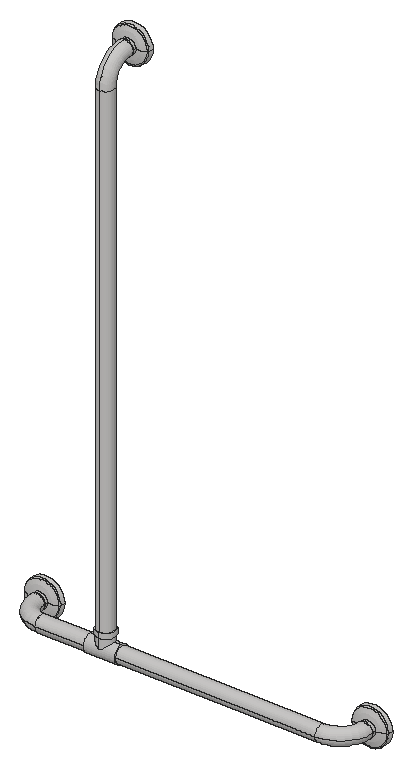
Revit family "MLR1078", category Specialty Equipment, Revit 2019
Family settings
  Round Connector Dimension = Use Diameter
  Part Type = Normal
  OmniClass Number = 23.40.20.21.47
  OmniClass Title = Bath Grab Bars
  Work Plane-Based = No
  Always vertical = Yes
  Cut with Voids When Loaded = No
  Shared = No
  Room Calculation Point = No
Parameters (values of type "MLR1078")
  Width = 716 mm  # constant formula
  URL = "http://www.metlam.com.au/"
  Type Comments = "Grab Rails"  # constant formula
  Model = "MLR114MKII"
  Material_ANZRS = z_Metlam_Metal_Stainless Steel_Satin
  Manufacturer_Width = Width - 16 mm  # 700 mm
  Manufacturer_URL__Product Specific = "https://www.metlam.com.au/product/content/grab-rails/MLR114MKII"
  Manufacturer_Spec Code = Model  # "MLR114MKII"
  Manufacturer_Height From FFL [instance] = 800 mm
  Manufacturer_Height = Height - 32 mm  # 1100 mm
  Manufacturer = "Metlam"  # constant formula
  Keynote = ""
  Height = 1132 mm  # constant formula
  Description = "30° Flush Mount Wrap Around Grab Rail RH"  # constant formula
  CreatedBy_ANZRS = "IGS BIM Solutions"  # constant formula
  CreatedByURL_ANZRS = "http://www.igsgroup.com.au/"
  Assembly Code = ""
Reference planes
  plane 1 "Ref. Level": z = 0
  plane 2 "Left Wall Mount_Centre (Elevation)": z = 784
  plane 3 "Middle Wall Mount_Centre (Elevation)": z = 691
  plane 4 "Bottom": z = 653
  plane 5 "Back": y = 610
  plane 6 "Right Wall Mount_Centre (Elevation)": z = 1884
  plane 7 "Top": z = 1923
  plane 8 "Angled Rail_Top": z = 1900
  plane 9 "Horizontal Rail_Bottom": z = 768
  plane 10 "Mounting Height": z = 800
  plane 11 "Horizontal Rail_Front": y = 520
  plane 12 "Left Wall Mount_Centre (Left/Right)": x = -1282
  plane 13 "Right": x = -582
  plane 14 "Angled Rail_Right": x = -1266
  plane 15 "Angled Rail_Left": x = -1298
  plane 16 "Left": x = -1321
  plane 17 "2": x = -614
  plane 18 "3": x = -598
  plane 19 "4": x = -575
  plane 20 "6": x = -1098
  plane 21 "7": x = -1114
  plane 22 "8": x = -1098
  plane 23 "9": x = -1075
  plane 24 "10": y = 390
  plane 25 "11": z = 1868
  plane 26 "12": y = 536
Forms (mm)
  Sweep 1, solid, material "z_Metlam_Metal_Stainless Steel_Satin" <- "Material_ANZRS"
    path origin (-1104, 178.031, 784) x (1, 0, 0) y (0, -1, 0)
      loop
        line (506, -408.969) -> (506, -407.751)
        arc (506, -407.751) -> (491.355, -372.396) -> (456, -357.751) r 50
        line (456, -357.751) -> (-128, -357.751)
        arc (-128, -357.751) -> (-163.355, -372.396) -> (-178, -407.751) r 50
        line (-178, -407.751) -> (-178, -408.969)
    profile origin (-598, 586.391, 784) x (1, 0, 0) y (0, 0, 1)
      loop
        circle (0, 0) r 16
  Revolve 2, solid, material "z_Metlam_Metal_Stainless Steel_Satin" <- "Material_ANZRS"
    sketch origin (544, -1433.595, 784) x (0, 1, 0) y (-1, 0, 0)
      loop
        line (2027.564, 1158) -> (2020.595, 1158) -> (2020.595, 1142) -> (2043.595, 1142) -> (2043.595, 1181) -> (2034.836, 1179.599)
        arc (2034.836, 1179.599) -> (2033.757, 1179.149) -> (2033, 1178.257) r 2.5
        arc (2033, 1178.257) -> (2029.238, 1168.409) -> (2027.564, 1158) r 51.397
      axis (2020.595, 1142) -> (2043.595, 1142)
    angle from 0 to 360
  Revolve 3, solid, material "z_Metlam_Metal_Stainless Steel_Satin" <- "Material_ANZRS"
    sketch origin (-2440, -1433.595, 784) x (0, 1, 0) y (-1, 0, 0)
      loop
        arc (2027.564, -1174) -> (2029.238, -1184.409) -> (2033, -1194.257) r 51.397
        arc (2033, -1194.257) -> (2033.757, -1195.149) -> (2034.836, -1195.599) r 2.5
        line (2034.836, -1195.599) -> (2043.595, -1197) -> (2043.595, -1158) -> (2020.595, -1158) -> (2020.595, -1174) -> (2027.564, -1174)
      axis (2020.595, -1158) -> (2043.595, -1158)
    angle from 0 to 360
  Revolve 4, solid, material "z_Metlam_Metal_Stainless Steel_Satin" <- "Material_ANZRS"
    sketch origin (44, -1433.595, 1884) x (0, 1, 0) y (-1, 0, 0)
      loop
        line (2027.564, 1158) -> (2020.595, 1158) -> (2020.595, 1142) -> (2043.595, 1142) -> (2043.595, 1181) -> (2034.836, 1179.599)
        arc (2034.836, 1179.599) -> (2033.757, 1179.149) -> (2033, 1178.257) r 2.5
        arc (2033, 1178.257) -> (2029.238, 1168.409) -> (2027.564, 1158) r 51.397
      axis (2020.595, 1142) -> (2043.595, 1142)
    angle from 0 to 360
  Sweep 5, solid, material "z_Metlam_Metal_Stainless Steel_Satin" <- "Material_ANZRS"
    path origin (-1098, 178.031, 1394) x (0, 0, 1) y (0, 1, 0)
      loop
        line (490, 408.969) -> (490, 407.751)
        arc (490, 407.751) -> (475.355, 372.396) -> (440, 357.751) r 50
        line (440, 357.751) -> (-610, 357.751)
    profile origin (-1098, 586.391, 1884) x (0, 0, 1) y (-1, 0, 0)
      loop
        circle (0, 0) r 16
  Sweep 6, solid, material "z_Metlam_Metal_Stainless Steel_Satin" <- "Material_ANZRS"
    path origin (-1379.149, 390, 4000) x (-1, 0, 0) y (0, 0, 1)
      loop
        line (-313.646, -3216) -> (-249.149, -3216)
    profile origin (-1097.752, 390, 784) x (0, 0, 1) y (0, 1, 0)
      loop
        circle (0, 146) r 18
  Sweep 7, solid, material "z_Metlam_Metal_Stainless Steel_Satin" <- "Material_ANZRS"
    path origin (-4330, 390, 518.851) x (0, 0, -1) y (-1, 0, 0)
      loop
        line (-297.149, -3232) -> (-265.149, -3232)
    profile origin (-1098, 390, 800) x (0, 1, 0) y (-1, 0, 0)
      loop
        circle (146, 0) r 17
  Sweep 8, solid, material "z_Metlam_Metal_Stainless Steel_Satin" <- "Material_ANZRS"
    path origin (-4330, 390, 518.851) x (0, 0, -1) y (-1, 0, 0)
      loop
        line (-303.224, -3232) -> (-293.224, -3232)
    profile origin (-1098, 390, 817.074) x (0, 1, 0) y (-1, 0, 0)
      loop
        circle (146, 0) r 19
Cuts and joins
  joined: Sweep 1, Revolve 2, Revolve 3, Sweep 6, Sweep 7
  joined: Revolve 4, Sweep 5, Sweep 8
Lines and regions (mm)
  symbolic lines, style "Grab Rails", detail levels medium+fine
    curve 1: line (-598.031, -474, 0) -> (-598.031, -506, 0)
Text (mm)
  text "> Contact Manufacturer to confirm feasibility of design variations outside the scope of this Revit Family\n\nDisclaimer:\nDue to ongoing product development and manufacturing evolution, product details are subject to change without notice. Please refer to product technical data sheets on the manufacturers website for the most current product information. Please allow a +/- 5mm manufacturing tolerance for dimensions and set-outs shown in product literature." at (-350.147, 492.599, 0), in view "Ref. Level_Instruction"
Dimensions and locks
  "Manufacturer_Height From FFL": plane 10 "Mounting Height" to plane 1 "Ref. Level"
  "Height": plane 8 "Angled Rail_Top" to plane 9 "Horizontal Rail_Bottom"
  locked: plane 3 "Middle Wall Mount_Centre (Elevation)" to plane 4 "Bottom" at 38
  locked: plane 10 "Mounting Height" to plane 2 "Left Wall Mount_Centre (Elevation)" at 16
  locked: plane 7 "Top" to plane 8 "Angled Rail_Top" at 23
  locked: plane 2 "Left Wall Mount_Centre (Elevation)" to plane 9 "Horizontal Rail_Bottom" at 16
  "Manufacturer_Height": plane 6 "Right Wall Mount_Centre (Elevation)" to plane 2 "Left Wall Mount_Centre (Elevation)"
  plane 8 "Angled Rail_Top" to plane 6 "Right Wall Mount_Centre (Elevation)" = 16 mm
  locked: plane 9 "Horizontal Rail_Bottom" to plane 3 "Middle Wall Mount_Centre (Elevation)" at 77
  locked: plane 5 "Back" to plane 11 "Horizontal Rail_Front" at 90
  "Manufacturer_Width": plane 13 "Right" to plane 12 "Left Wall Mount_Centre (Left/Right)"
  locked: plane 15 "Angled Rail_Left" to plane 16 "Left" at 23
  locked: plane 14 "Angled Rail_Right" to plane 12 "Left Wall Mount_Centre (Left/Right)" at 16
  locked: plane 12 "Left Wall Mount_Centre (Left/Right)" to plane 15 "Angled Rail_Left" at 16
  plane 13 "Right" to plane 15 "Angled Rail_Left" = 716 mm
  locked: plane 18 "3" to plane 17 "2" at 16
  plane 18 "3" to plane 13 "Right" = 16 mm
  locked: plane 22 "8" to plane 21 "7" at 16
  locked: plane 22 "8" to plane 18 "3" at 500
  locked: plane 26 "12" to plane 11 "Horizontal Rail_Front" at 16
  locked: Sweep 6 sketch curve to plane 22 "8" at 32
  locked: plane 22 "8" to Sweep 6 sketch curve at 32.497
  aligned and locked: level to plane 1 "Ref. Level"
  aligned and locked: Revolve 2 sketch curve to plane 18 "3"
  aligned and locked: plane 18 "3" to Revolve 2 sketch curve
  aligned and locked: plane 17 "2" to Revolve 2 sketch curve
  aligned and locked: Revolve 2 sketch curve to plane 5 "Back"
  aligned and locked: plane 6 "Right Wall Mount_Centre (Elevation)" to Revolve 4
  aligned and locked: plane 8 "Angled Rail_Top" to Sweep 5
  aligned and locked: Sweep 6 sketch curve to plane 2 "Left Wall Mount_Centre (Elevation)"
  aligned and locked: plane 26 "12" to Sweep 6
  aligned and locked: plane 2 "Left Wall Mount_Centre (Elevation)" to Sweep 5 sketch curve
  aligned and locked: plane 2 "Left Wall Mount_Centre (Elevation)" to Sweep 7 sketch curve
  aligned and locked: Sweep 1 sketch curve to plane 12 "Left Wall Mount_Centre (Left/Right)"
  aligned and locked: plane 22 "8" to Sweep 8
Automatic sketch dimensions
  plane 18 "3" to curve 1 = 0.031 mm
  curve 1 to plane 24 "10" = 896 mm
  curve 1 to curve 1 = 32 mm
  Sweep 1 sketch curve to plane 2 "Left Wall Mount_Centre (Elevation)" = 0 mm
  profile plane to Sweep 1 sketch curve = 0 mm
  Revolve 2 sketch curve to plane 5 "Back" = 8.364 mm
  Revolve 2 sketch curve to Revolve 2 sketch curve = 0.395 mm
  Revolve 2 sketch curve to plane 5 "Back" = 16.031 mm
  Revolve 2 sketch curve to Revolve 2 sketch curve = 6.969 mm
  Revolve 2 sketch curve to plane 17 "2" = 2.911 mm
  plane 5 "Back" to Revolve 2 sketch curve = 35.283 mm
  plane 17 "2" to Revolve 2 sketch curve = 19.13 mm
  Revolve 2 sketch curve to Revolve 2 sketch curve = 1.342 mm
  Revolve 2 sketch curve to Revolve 2 sketch curve = 1.401 mm
  Revolve 2 sketch curve to plane 5 "Back" = 10 mm
  Revolve 2 sketch curve to Revolve 2 sketch curve = 4.717 mm
  Revolve 3 sketch curve to plane 14 "Angled Rail_Right" = 0 mm
  Revolve 3 sketch curve to plane 12 "Left Wall Mount_Centre (Left/Right)" = 0 mm  (x2)
  Revolve 3 sketch curve to plane 5 "Back" = 0 mm
  Revolve 3 sketch curve to plane 5 "Back" = 8.364 mm
  Revolve 3 sketch curve to Revolve 3 sketch curve = 0.395 mm
  Revolve 3 sketch curve to plane 5 "Back" = 16.031 mm
  Revolve 3 sketch curve to Revolve 3 sketch curve = 6.969 mm
  plane 14 "Angled Rail_Right" to Revolve 3 sketch curve = 2.911 mm
  plane 5 "Back" to Revolve 3 sketch curve = 35.283 mm
  Revolve 3 sketch curve to plane 14 "Angled Rail_Right" = 19.13 mm
  Revolve 3 sketch curve to Revolve 3 sketch curve = 1.342 mm
  Revolve 3 sketch curve to Revolve 3 sketch curve = 1.401 mm
  Revolve 3 sketch curve to plane 5 "Back" = 10 mm
  Revolve 3 sketch curve to Revolve 3 sketch curve = 4.717 mm
  Revolve 4 sketch curve to plane 21 "7" = 0 mm
  Revolve 4 sketch curve to plane 22 "8" = 0 mm  (x2)
  Revolve 4 sketch curve to plane 5 "Back" = 0 mm
  Revolve 4 sketch curve to plane 5 "Back" = 8.364 mm
  Revolve 4 sketch curve to Revolve 4 sketch curve = 0.395 mm
  Revolve 4 sketch curve to plane 5 "Back" = 16.031 mm
  Revolve 4 sketch curve to Revolve 4 sketch curve = 6.969 mm
  Revolve 4 sketch curve to plane 21 "7" = 2.911 mm
  plane 5 "Back" to Revolve 4 sketch curve = 35.283 mm
  plane 21 "7" to Revolve 4 sketch curve = 19.13 mm
  Revolve 4 sketch curve to Revolve 4 sketch curve = 1.342 mm
  Revolve 4 sketch curve to Revolve 4 sketch curve = 1.401 mm
  Revolve 4 sketch curve to plane 5 "Back" = 10 mm
  Revolve 4 sketch curve to Revolve 4 sketch curve = 4.717 mm
  Sweep 5 sketch curve to profile plane = 0 mm
  profile plane to Sweep 5 sketch curve = 0 mm
  plane 24 "10" to Sweep 6 sketch curve = 146 mm
  profile plane to Sweep 6 sketch curve = 0 mm
  Sweep 5 sketch curve to plane 6 "Right Wall Mount_Centre (Elevation)" = 0 mm
  Sweep 5 sketch curve to plane 26 "12" = 0.218 mm
  plane 25 "11" to Sweep 5 sketch curve = 34 mm
  Sweep 5 sketch curve to Sweep 5 sketch curve = 1.218 mm
  plane 22 "8" to Sweep 7 sketch curve = 0 mm
  plane 10 "Mounting Height" to Sweep 7 sketch curve = 16 mm
  Sweep 7 sketch curve to profile plane = 0 mm
  plane 24 "10" to Sweep 7 sketch curve = 146 mm
  Sweep 1 sketch curve to plane 18 "3" = 0 mm
  plane 14 "Angled Rail_Right" to Sweep 1 sketch curve = 34 mm
  plane 5 "Back" to Sweep 1 sketch curve = 24.218 mm
  Sweep 1 sketch curve to plane 17 "2" = 34 mm
  Sweep 1 sketch curve to Sweep 1 sketch curve = 1.218 mm  (x2)
  Sweep 8 sketch curve to profile plane = 0 mm
  plane 24 "10" to Sweep 8 sketch curve = 146 mm
  plane 20 "6" to Sweep 8 sketch curve = 0 mm
  plane 10 "Mounting Height" to Sweep 8 sketch curve = 22.074 mm
  Sweep 8 sketch curve to Sweep 8 sketch curve = 10 mm
  radius of Sweep 1 sketch curve = 16 mm
  radius of Sweep 5 sketch curve = 16 mm
  radius of Sweep 6 sketch curve = 18 mm
  radius of Sweep 7 sketch curve = 17 mm
  radius of Sweep 8 sketch curve = 19 mm
